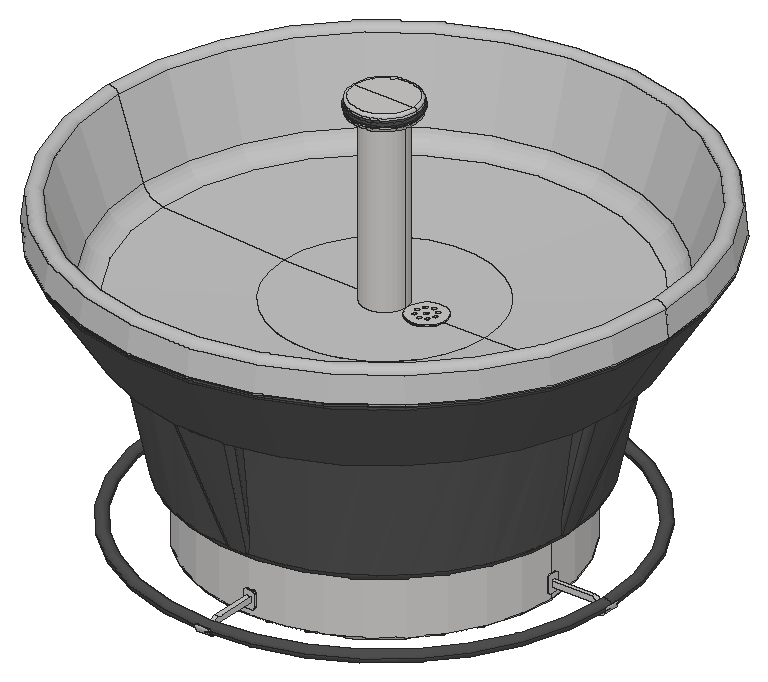
Revit family "Washfountain_Lavatory-Bradley_Corp-WF2808-Type_H_Drain", category Plumbing Fixtures, Revit 2012 (continued)
Lines and regions (in)
  symbolic lines, visible <- "Soap Dispenser", detail levels fine
    curve 22: line (0, -5.87777, 42.10673) -> (0, 5.87777, 42.10673)
    curve 23: line (0, 5.81, 40.85673) -> (0, -5.81, 40.85673)
    curve 24: line (0, 6.1566, 45.875) -> (0, -6.1566, 45.875)
  symbolic lines, detail levels medium
    curve 25: line (-3.12875, 0, 36.80502) -> (-3.035, 0, 36.80502)
    curve 27: line (3.035, 0, 36.80502) -> (3.12875, 0, 36.80502)
    curve 28: line (3.12875, 0, 36.30502) -> (3.035, 0, 36.30502)
    curve 30: line (-3.035, 0, 36.30502) -> (-3.12875, 0, 36.30502)
    curve 32: line (0, 3.12875, 36.80502) -> (0, 3.035, 36.80502)
    curve 34: line (0, -3.035, 36.80502) -> (0, -3.12875, 36.80502)
    curve 35: line (0, -3.12875, 36.30502) -> (0, -3.035, 36.30502)
    curve 37: line (0, 3.035, 36.30502) -> (0, 3.12875, 36.30502)
  symbolic lines, detail levels medium+fine
    curve 26: line (-3.035, 0, 36.80502) -> (3.035, 0, 36.80502)
    curve 29: line (3.035, 0, 36.30502) -> (-3.035, 0, 36.30502)
    curve 33: line (0, 3.035, 36.80502) -> (0, -3.035, 36.80502)
    curve 36: line (0, -3.035, 36.30502) -> (0, 3.035, 36.30502)
    curve 47: circle (0, 0, 37.25) r 2 normal (0, 0, 1)
    curve 137: circle (4, 0, 29) r 1.25 normal (0, 0, 1)
    curve 138: circle (4, 0, 29) r 0.1842 normal (0, 0, 1)
    curve 139: circle (4, 0.87771, 29) r 0.1842 normal (0, 0, 1)
    curve 140: circle (4.62063, 0.62063, 29) r 0.1842 normal (0, 0, 1)
    curve 141: circle (4.87771, 0, 29) r 0.1842 normal (0, 0, 1)
    curve 142: circle (4.62063, -0.62063, 29) r 0.1842 normal (0, 0, 1)
    curve 143: circle (4, -0.87771, 29) r 0.1842 normal (0, 0, 1)
    curve 144: circle (3.37937, -0.62063, 29) r 0.1842 normal (0, 0, 1)
    curve 145: circle (3.12229, 0, 29) r 0.1842 normal (0, 0, 1)
    curve 146: circle (3.37937, 0.62063, 29) r 0.1842 normal (0, 0, 1)
    curve 155: line (-17.48807, 0, 6.31492) -> (-0.96574, 0, 6.31492)
    curve 156: line (-0.96574, 0, 6.24986) -> (-0.96574, 0, 18.12)
    curve 158: line (-0.12584, 0, 6.24986) -> (-0.12584, 0, 18.12)
    curve 159: line (1.12265, 0, 6.31492) -> (17.49519, 0, 6.31492)
    curve 160: line (-22.00077, 0, 18.10444) -> (-21.06726, 0, 18.10444)
    curve 161: arc (-21.06726, 0, 18.10444) -> (-20.92142, 0, 18.054) -> (-20.8379, 0, 17.92423) r 0.23606
    curve 162: line (-20.8379, 0, 17.92423) -> (-2.19375, 0, 17.92423)
    curve 163: line (-2.07801, 0, 18.10444) -> (-1.09014, 0, 18.10444)
    curve 164: arc (-2.07801, 0, 18.10444) -> (-2.16776, 0, 18.05613) -> (-2.19717, 0, 17.95855) r 0.13336
    curve 165: arc (-1.09014, 0, 18.10444) -> (-1.02745, 0, 18.10835) -> (-0.96574, 0, 18.12) r 0.50514
    curve 166: arc (-1.08537, 0, 6.8063) -> (-1.04271, 0, 6.55643) -> (-0.96574, 0, 6.31492) r 1.81926
    curve 167: line (-0.96574, 0, 6.24986) -> (-0.12584, 0, 6.24986)
    curve 168: line (0, 0, 6.31492) -> (0.15691, 0, 6.31492)
    curve 169: arc (-0.12584, 0, 6.24986) -> (-0.05501, 0, 6.26709) -> (0, 0, 6.31492) r 0.15424
    curve 173: line (1.12265, 0, 6.24986) -> (1.12265, 0, 18.12)
    curve 175: line (0.28275, 0, 6.24986) -> (0.28275, 0, 18.12)
    curve 176: line (22.00077, 0, 18.10444) -> (21.09665, 0, 18.10444)
    curve 177: arc (21.09665, 0, 18.10444) -> (20.95081, 0, 18.054) -> (20.86729, 0, 17.92423) r 0.23606
    curve 178: line (20.86729, 0, 17.92423) -> (2.35066, 0, 17.92423)
    curve 179: line (2.23492, 0, 18.10444) -> (1.24705, 0, 18.10444)
    curve 180: arc (2.23492, 0, 18.10444) -> (2.32467, 0, 18.05613) -> (2.35408, 0, 17.95855) r 0.13336
    curve 181: arc (1.24705, 0, 18.10444) -> (1.18436, 0, 18.10835) -> (1.12265, 0, 18.12) r 0.50514
    curve 182: arc (1.24228, 0, 6.8063) -> (1.19962, 0, 6.55643) -> (1.12265, 0, 6.31492) r 1.81926
    curve 183: line (1.12265, 0, 6.24986) -> (0.28275, 0, 6.24986)
    curve 184: arc (0.28275, 0, 6.24986) -> (0.21192, 0, 6.26709) -> (0.15691, 0, 6.31492) r 0.15424
    curve 201: line (0, 20.99655, 18.03148) -> (0, 21.97113, 18.03148)
    curve 203: arc (0, 20.8379, 17.92423) -> (0, 20.9008, 18.00216) -> (0, 20.99655, 18.03148) r 0.17096
    curve 205: line (0, 2.19389, 17.92569) -> (0, 20.83849, 17.92569)
    curve 208: line (0, 2.07801, 18.10444) -> (0, 1.09014, 18.10444)
    curve 209: arc (0, 2.19829, 17.96981) -> (0, 2.16828, 18.06404) -> (0, 2.07801, 18.10444) r 0.12105
    curve 210: line (0, 0.96513, 6.24986) -> (0, 0.96513, 18.12004)
    curve 211: arc (0, 0.96513, 18.12004) -> (0, 1.02715, 18.10836) -> (0, 1.09014, 18.10444) r 0.5087
    curve 213: line (0, 0.96513, 6.24986) -> (0, 0.12584, 6.24986)
    curve 215: arc (0, 1.08537, 6.8063) -> (0, 1.04105, 6.52467) -> (0, 0.96513, 6.24986) r 2.51421
    curve 216: line (0, 0, 6.31685) -> (0, -0.15625, 6.31685)
    curve 217: line (0, 0, 6.31685) -> (0, 0.12584, 6.24986)
    curve 218: line (0, 0.12584, 6.24986) -> (0, 0.12584, 18.12004)
    curve 221: line (0, -2.35014, 17.92569) -> (0, -20.8418, 17.92569)
    curve 224: line (0, -2.23426, 18.10444) -> (0, -1.24639, 18.10444)
    curve 225: arc (0, -2.35454, 17.96981) -> (0, -2.32453, 18.06404) -> (0, -2.23426, 18.10444) r 0.12105
    curve 226: line (0, -1.12138, 6.24986) -> (0, -1.12138, 18.12004)
    curve 227: arc (0, -1.12138, 18.12004) -> (0, -1.1834, 18.10836) -> (0, -1.24639, 18.10444) r 0.5087
    curve 228: line (0, -1.12138, 6.24986) -> (0, -0.28209, 6.24986)
    curve 230: arc (0, -1.24162, 6.8063) -> (0, -1.1973, 6.52467) -> (0, -1.12138, 6.24986) r 2.51421
    curve 231: line (0, -0.15625, 6.31685) -> (0, -0.28209, 6.24986)
    curve 232: line (0, -0.28209, 6.24986) -> (0, -0.28209, 18.12004)
    curve 235: line (0, -21.00003, 18.03148) -> (0, -21.97463, 18.03148)
    curve 237: arc (0, -20.84138, 17.92423) -> (0, -20.90428, 18.00216) -> (0, -21.00003, 18.03148) r 0.17096
    curve 241: line (0, 17.49039, 6.32544) -> (0, 0.98937, 6.32544)
    curve 242: line (0, -1.14562, 6.32544) -> (0, -17.49387, 6.32544)
  symbolic lines
    curve 31: line (-2, 0, 35.86002) -> (2, 0, 35.86002)
    curve 38: line (0, 2, 35.86002) -> (0, -2, 35.86002)
    curve 136: circle (4, 0, 29) r 1.75 normal (0, 0, 1)
    curve 147: circle (0, 0, 29) r 25.3 normal (0, 0, 1)
    curve 153: line (-20.8379, 0, 17.92423) -> (-17.61819, 0, 6.792)
    curve 154: line (-17.61819, 0, 6.792) -> (-17.47033, 0, 6.24986)
    curve 157: line (-2.19717, 0, 17.95855) -> (-1.08537, 0, 6.8063)
    curve 172: line (20.86729, 0, 17.92423) -> (17.49473, 0, 6.31579)
    curve 174: line (2.35408, 0, 17.95855) -> (1.24228, 0, 6.8063)
    curve 187: line (22.00077, 0, 18.10444) -> (17.49519, 0, 6.31492)
    curve 188: line (-15.8946, 0, 5.6669) -> (15.9375, 0, 5.6669)
    curve 202: line (0, 20.8379, 17.92423) -> (0, 17.46859, 6.24991)
    curve 204: line (0, 20.8379, 17.92423) -> (0, 20.89404, 18.12)
    curve 206: line (0, 2.19829, 17.96981) -> (0, 1.08537, 6.8063)
    curve 212: line (0, 15.89286, 5.66694) -> (0, -15.89458, 5.66694)
    curve 222: line (0, -2.35454, 17.96981) -> (0, -1.24162, 6.8063)
    curve 236: line (0, -20.84138, 17.92423) -> (0, -17.46638, 6.2302)
    curve 238: line (0, -20.84138, 17.92423) -> (0, -20.89752, 18.12)
    curve 251: circle (0, 0, 29) r 21 normal (0, 0, 1)
    curve 252: line (26.7906, 0, 26) -> (-26.7889, 0, 26)
    curve 253: line (0, 26.7906, 26) -> (0, -26.7906, 26)
  symbolic lines, visible <- "Sensor Module", detail levels fine
    curve 39: line (-4.49987, 0, 40.18459) -> (4.49987, 0, 40.18459)
    curve 42: line (0, 4.49987, 40.18459) -> (0, -4.49987, 40.18459)
  symbolic lines, visible <- "Sensor Module", detail levels medium
    curve 40: line (4.57537, 0, 38.73512) -> (-4.5755, 0, 38.73512)
    curve 43: line (0, -4.57537, 38.73512) -> (0, 4.57537, 38.73512)
  symbolic lines, visible <- "Sensor Module"
    curve 41: line (-2, 0, 37.90962) -> (2, 0, 37.90962)
    curve 44: line (0, 2, 37.91) -> (0, -2, 37.91)
  symbolic lines, visible <- "Sensor Module", detail levels medium+fine
    curve 46: circle (0, 0, 40.75) r 2.10282 normal (0, 0, 1)
  model lines, visible <- "Towel Dispenser", detail levels fine
    curve 51: spline (-9.0267, 1.13929, 53.62502) -> (-8.93299, 0.97699, 56.66615) -> (-8.65827, 0.50115, 59.50002) -> (-8.22124, -0.2558, 61.93353) -> (-7.6517, -1.24228, 63.80082) -> (-6.98845, -2.39106, 64.97465) -> (-6.2767, -3.62385, 65.37502) -> (-5.56494, -4.85664, 64.97465) -> (-4.9017, -6.00542, 63.80082) -> (-4.33215, -6.9919, 61.93353) -> (-3.89513, -7.74885, 59.50002) -> (-3.6204, -8.22469, 56.66615) -> (-3.5267, -8.38699, 53.62502)
    curve 52: spline (3.527, -8.3872, 53.62502) -> (3.6207, -8.22489, 56.66615) -> (3.89542, -7.74903, 59.50002) -> (4.33244, -6.99205, 61.93353) -> (4.90197, -6.00554, 63.80082) -> (5.56521, -4.85671, 64.97465) -> (6.27694, -3.62387, 65.37502) -> (6.98868, -2.39103, 64.97465) -> (7.65191, -1.24221, 63.80082) -> (8.22144, -0.2557, 61.93353) -> (8.65846, 0.50129, 59.50002) -> (8.93318, 0.97714, 56.66615) -> (9.02688, 1.13945, 53.62502)
    curve 98: spline (4.50547, -6.69233, 56.22659) -> (4.48576, -6.72648, 56.26066) -> (4.46739, -6.7583, 56.36056) -> (4.45161, -6.78563, 56.51948) -> (4.43951, -6.80659, 56.72659) -> (4.4319, -6.81977, 56.96777) -> (4.4293, -6.82427, 57.22659) -> (4.4319, -6.81977, 57.4854) -> (4.43951, -6.80659, 57.72659) -> (4.45161, -6.78563, 57.93369) -> (4.46739, -6.7583, 58.09261) -> (4.48576, -6.72648, 58.19251) -> (4.50547, -6.69233, 58.22659) -> (4.52519, -6.65819, 58.19251) -> (4.54356, -6.62637, 58.09261) -> (4.55933, -6.59904, 57.93369) -> (4.57144, -6.57807, 57.72659) -> (4.57905, -6.56489, 57.4854) -> (4.58164, -6.5604, 57.22659) -> (4.57905, -6.56489, 56.96777) -> (4.57144, -6.57807, 56.72659) -> (4.55933, -6.59904, 56.51948) -> (4.54356, -6.62637, 56.36056) -> (4.52519, -6.65819, 56.26066) -> (4.50547, -6.69233, 56.22659)
    curve 99: spline (3.54323, 7.20696, 56.22659) -> (3.58266, 7.20696, 56.26066) -> (3.6194, 7.20696, 56.36056) -> (3.65095, 7.20696, 56.51948) -> (3.67516, 7.20696, 56.72659) -> (3.69038, 7.20696, 56.96777) -> (3.69557, 7.20696, 57.22659) -> (3.69038, 7.20696, 57.4854) -> (3.67516, 7.20696, 57.72659) -> (3.65095, 7.20696, 57.93369) -> (3.6194, 7.20696, 58.09261) -> (3.58266, 7.20696, 58.19251) -> (3.54323, 7.20696, 58.22659) -> (3.5038, 7.20696, 58.19251) -> (3.46706, 7.20696, 58.09261) -> (3.4355, 7.20696, 57.93369) -> (3.41129, 7.20696, 57.72659) -> (3.39607, 7.20696, 57.4854) -> (3.39088, 7.20696, 57.22659) -> (3.39607, 7.20696, 56.96777) -> (3.41129, 7.20696, 56.72659) -> (3.4355, 7.20696, 56.51948) -> (3.46706, 7.20696, 56.36056) -> (3.5038, 7.20696, 56.26066) -> (3.54323, 7.20696, 56.22659)
    curve 100: spline (-8.04818, -0.55555, 56.22659) -> (-8.06789, -0.5214, 56.26066) -> (-8.08627, -0.48958, 56.36056) -> (-8.10204, -0.46226, 56.51948) -> (-8.11415, -0.44129, 56.72659) -> (-8.12176, -0.42811, 56.96777) -> (-8.12435, -0.42362, 57.22659) -> (-8.12176, -0.42811, 57.4854) -> (-8.11415, -0.44129, 57.72659) -> (-8.10204, -0.46226, 57.93369) -> (-8.08627, -0.48958, 58.09261) -> (-8.06789, -0.5214, 58.19251) -> (-8.04818, -0.55555, 58.22659) -> (-8.02847, -0.5897, 58.19251) -> (-8.01009, -0.62152, 58.09261) -> (-7.99432, -0.64884, 57.93369) -> (-7.98221, -0.66981, 57.72659) -> (-7.9746, -0.68299, 57.4854) -> (-7.97201, -0.68748, 57.22659) -> (-7.9746, -0.68299, 56.96777) -> (-7.98221, -0.66981, 56.72659) -> (-7.99432, -0.64884, 56.51948) -> (-8.01009, -0.62152, 56.36056) -> (-8.02847, -0.5897, 56.26066) -> (-8.04818, -0.55555, 56.22659)
    curve 101: spline (5.50026, 7.20696, 53.62502) -> (5.31285, 7.20696, 56.66615) -> (4.76338, 7.20696, 59.50002) -> (3.88931, 7.20696, 61.93353) -> (2.75019, 7.20696, 63.80082) -> (1.42367, 7.20696, 64.97465) -> (0.00013, 7.20696, 65.37502) -> (-1.42341, 7.20696, 64.97465) -> (-2.74994, 7.20696, 63.80082) -> (-3.88905, 7.20696, 61.93353) -> (-4.76312, 7.20696, 59.50002) -> (-5.31259, 7.20696, 56.66615) -> (-5.5, 7.20696, 53.62502)
  symbolic lines, visible <- "Towel Dispenser", detail levels fine
    curve 54: spline (-9.02676, -27, 53.62502) -> (-8.93305, -27, 56.66615) -> (-8.65832, -27, 59.50002) -> (-8.22128, -27, 61.93353) -> (-7.65173, -27, 63.80082) -> (-6.98846, -27, 64.97465) -> (-6.2767, -27, 65.37502) -> (-5.56493, -27, 64.97465) -> (-4.90166, -27, 63.80082) -> (-4.33211, -27, 61.93353) -> (-3.89507, -27, 59.50002) -> (-3.62034, -27, 56.66615) -> (-3.52663, -27, 53.62502)
    curve 55: spline (3.527, -27, 53.62502) -> (3.6207, -27, 56.66615) -> (3.89542, -27, 59.50002) -> (4.33244, -27, 61.93353) -> (4.90197, -27, 63.80082) -> (5.56521, -27, 64.97465) -> (6.27694, -27, 65.37502) -> (6.98868, -27, 64.97465) -> (7.65191, -27, 63.80082) -> (8.22144, -27, 61.93353) -> (8.65846, -27, 59.50002) -> (8.93318, -27, 56.66615) -> (9.02688, -27, 53.62502)
    curve 85: spline (5.50026, 27, 53.62502) -> (5.31285, 27, 56.66615) -> (4.76338, 27, 59.50002) -> (3.88931, 27, 61.93353) -> (2.75019, 27, 63.80082) -> (1.42367, 27, 64.97465) -> (0.00013, 27, 65.37502) -> (-1.42341, 27, 64.97465) -> (-2.74994, 27, 63.80082) -> (-3.88905, 27, 61.93353) -> (-4.76312, 27, 59.50002) -> (-5.31259, 27, 56.66615) -> (-5.5, 27, 53.62502)
    curve 93: spline (0, 1.1394, 53.62502) -> (0, 0.9771, 56.66615) -> (0, 0.50125, 59.50002) -> (0, -0.25572, 61.93353) -> (0, -1.24223, 63.80082) -> (0, -2.39103, 64.97465) -> (0, -3.62385, 65.37502) -> (0, -4.85667, 64.97465) -> (0, -6.00548, 63.80082) -> (0, -6.99198, 61.93353) -> (0, -7.74895, 59.50002) -> (0, -8.2248, 56.66615) -> (0, -8.3871, 53.62502)
    curve 102: spline (-8.04824, -27, 56.22659) -> (-8.06796, -27, 56.26066) -> (-8.08633, -27, 56.36056) -> (-8.10211, -27, 56.51948) -> (-8.11421, -27, 56.72659) -> (-8.12182, -27, 56.96777) -> (-8.12442, -27, 57.22659) -> (-8.12182, -27, 57.4854) -> (-8.11421, -27, 57.72659) -> (-8.10211, -27, 57.93369) -> (-8.08633, -27, 58.09261) -> (-8.06796, -27, 58.19251) -> (-8.04824, -27, 58.22659) -> (-8.02853, -27, 58.19251) -> (-8.01016, -27, 58.09261) -> (-7.99438, -27, 57.93369) -> (-7.98228, -27, 57.72659) -> (-7.97467, -27, 57.4854) -> (-7.97207, -27, 57.22659) -> (-7.97467, -27, 56.96777) -> (-7.98228, -27, 56.72659) -> (-7.99438, -27, 56.51948) -> (-8.01016, -27, 56.36056) -> (-8.02853, -27, 56.26066) -> (-8.04824, -27, 56.22659)
    curve 103: spline (4.50547, -27, 56.22659) -> (4.48576, -27, 56.26066) -> (4.46739, -27, 56.36056) -> (4.45161, -27, 56.51948) -> (4.43951, -27, 56.72659) -> (4.4319, -27, 56.96777) -> (4.4293, -27, 57.22659) -> (4.4319, -27, 57.4854) -> (4.43951, -27, 57.72659) -> (4.45161, -27, 57.93369) -> (4.46739, -27, 58.09261) -> (4.48576, -27, 58.19251) -> (4.50547, -27, 58.22659) -> (4.52519, -27, 58.19251) -> (4.54356, -27, 58.09261) -> (4.55933, -27, 57.93369) -> (4.57144, -27, 57.72659) -> (4.57905, -27, 57.4854) -> (4.58164, -27, 57.22659) -> (4.57905, -27, 56.96777) -> (4.57144, -27, 56.72659) -> (4.55933, -27, 56.51948) -> (4.54356, -27, 56.36056) -> (4.52519, -27, 56.26066) -> (4.50547, -27, 56.22659)
    curve 104: spline (3.54323, 27, 56.22659) -> (3.58266, 27, 56.26066) -> (3.6194, 27, 56.36056) -> (3.65095, 27, 56.51948) -> (3.67516, 27, 56.72659) -> (3.69038, 27, 56.96777) -> (3.69557, 27, 57.22659) -> (3.69038, 27, 57.4854) -> (3.67516, 27, 57.72659) -> (3.65095, 27, 57.93369) -> (3.6194, 27, 58.09261) -> (3.58266, 27, 58.19251) -> (3.54323, 27, 58.22659) -> (3.5038, 27, 58.19251) -> (3.46706, 27, 58.09261) -> (3.4355, 27, 57.93369) -> (3.41129, 27, 57.72659) -> (3.39607, 27, 57.4854) -> (3.39088, 27, 57.22659) -> (3.39607, 27, 56.96777) -> (3.41129, 27, 56.72659) -> (3.4355, 27, 56.51948) -> (3.46706, 27, 56.36056) -> (3.5038, 27, 56.26066) -> (3.54323, 27, 56.22659)
    curve 133: spline (0, -0.55544, 56.22659) -> (0, -0.52129, 56.26066) -> (0, -0.48947, 56.36056) -> (0, -0.46215, 56.51948) -> (0, -0.44118, 56.72659) -> (0, -0.428, 56.96777) -> (0, -0.42351, 57.22659) -> (0, -0.428, 57.4854) -> (0, -0.44118, 57.72659) -> (0, -0.46215, 57.93369) -> (0, -0.48947, 58.09261) -> (0, -0.52129, 58.19251) -> (0, -0.55544, 58.22659) -> (0, -0.58959, 58.19251) -> (0, -0.62141, 58.09261) -> (0, -0.64873, 57.93369) -> (0, -0.6697, 57.72659) -> (0, -0.68288, 57.4854) -> (0, -0.68737, 57.22659) -> (0, -0.68288, 56.96777) -> (0, -0.6697, 56.72659) -> (0, -0.64873, 56.51948) -> (0, -0.62141, 56.36056) -> (0, -0.58959, 56.26066) -> (0, -0.55544, 56.22659)
  symbolic lines, visible <- "Towel Dispenser"
    curve 56: line (-0.06253, -27, 67.563) -> (-3.52663, -27, 66.87567)
    curve 57: line (3.527, -27, 66.87567) -> (0.06285, -27, 67.563)
    curve 58: line (-9.02676, -27, 66.87567) -> (-3.52663, -27, 66.87567)
    curve 59: line (-3.52663, -27, 66.87567) -> (-3.52663, -27, 53.62502)
    curve 60: line (3.527, -27, 53.62502) -> (3.527, -27, 66.87567)
    curve 61: line (0.06285, -27, 67.563) -> (0.06285, -27, 52.25)
    curve 62: line (-0.06253, -27, 52.25) -> (-0.06253, -27, 67.563)
    curve 63: line (-3.52663, -27, 53.62502) -> (-1.57807, -27, 52.25)
    curve 64: line (1.57842, -27, 52.25) -> (3.527, -27, 53.62502)
    curve 65: line (-9.02676, -27, 53.62502) -> (-3.52663, -27, 53.62502)
    curve 66: line (3.527, -27, 53.62502) -> (9.02688, -27, 53.62502)
    curve 75: line (3.527, -27, 66.87567) -> (9.02688, -27, 66.87567)
    curve 77: line (-5.5, 27, 67.563) -> (-5.5, 27, 52.25)
    curve 78: line (5.50026, 27, 52.25) -> (5.50026, 27, 67.563)
    curve 79: line (5.50026, 27, 66.87567) -> (-5.5, 27, 66.87567)
    curve 80: line (5.50026, 27, 53.62502) -> (-5.5, 27, 53.62502)
    curve 86: line (0, 3.20696, 67.563) -> (0, 3.20696, 52.25)
    curve 87: line (0, 3.1394, 67.563) -> (0, 3.1394, 52.25)
    curve 88: line (0, 1.1394, 66.87567) -> (0, 3.1394, 67.563)
    curve 89: line (0, 1.1394, 53.62502) -> (0, 1.1394, 66.87567)
    curve 90: line (0, 1.1394, 66.87567) -> (0, -8.3871, 66.87567)
    curve 91: line (0, 2.2644, 52.25) -> (0, 1.1394, 53.62502)
    curve 92: line (0, 1.1394, 53.62502) -> (0, -8.3871, 53.62502)
    curve 131: line (-2, -27, 52.25) -> (2, -27, 52.25)
    curve 132: line (-2, -27, 67.563) -> (2, -27, 67.563)
    curve 134: line (0, 1.25, 67.563) -> (0, -1.25, 67.563)
    curve 246: line (-5.5, 3.20696, 52.25) -> (5.50026, 3.20696, 52.25)
    curve 247: line (5.56279, 3.13918, 0) -> (0.06279, -6.3871, 0)
    curve 248: line (-0.06259, -6.38699, 52.25) -> (-5.56259, 3.13929, 52.25)
    curve 249: line (-5.56259, 3.13929, 52.25) -> (-5.5, 3.20696, 52.25)
    curve 250: line (5.50026, 3.20696, 52.25) -> (5.56279, 3.13918, 52.25)
  symbolic lines, visible <- "Towel Dispenser", detail levels medium+fine
    curve 67: line (-3.95999, -27, 53.3286) -> (-7.95843, -27, 53.3286)
    curve 68: spline (-7.95843, -27, 53.3286) -> (-8.0366, -27, 53.31528) -> (-8.07168, -27, 53.27621) -> (-8.06127, -27, 53.21406) -> (-8.00608, -27, 53.13306) -> (-7.90988, -27, 53.03873) -> (-7.77921, -27, 52.93751) -> (-7.62299, -27, 52.83629) -> (-7.45186, -27, 52.74197) -> (-7.27748, -27, 52.66097) -> (-7.11174, -27, 52.59882) -> (-6.96593, -27, 52.55975) -> (-6.84999, -27, 52.54642)
    curve 69: line (-6.84999, -27, 52.54642) -> (-2.85155, -27, 52.54642)
    curve 70: spline (-2.85155, -27, 52.54642) -> (-2.77338, -27, 52.55975) -> (-2.7383, -27, 52.59882) -> (-2.74871, -27, 52.66097) -> (-2.8039, -27, 52.74197) -> (-2.90011, -27, 52.83629) -> (-3.03077, -27, 52.93751) -> (-3.18699, -27, 53.03873) -> (-3.35812, -27, 53.13306) -> (-3.5325, -27, 53.21406) -> (-3.69824, -27, 53.27621) -> (-3.84405, -27, 53.31528) -> (-3.95999, -27, 53.3286)
    curve 71: line (7.8569, -27, 53.32864) -> (3.85695, -27, 53.32864)
    curve 72: spline (3.85695, -27, 53.32864) -> (3.74101, -27, 53.31531) -> (3.59521, -27, 53.27624) -> (3.42947, -27, 53.21409) -> (3.25509, -27, 53.13309) -> (3.08396, -27, 53.03877) -> (2.92774, -27, 52.93755) -> (2.79707, -27, 52.83632) -> (2.70086, -27, 52.742) -> (2.64567, -27, 52.661) -> (2.63526, -27, 52.59885) -> (2.67033, -27, 52.55978) -> (2.7485, -27, 52.54645)
    curve 73: line (2.7485, -27, 52.54645) -> (6.74844, -27, 52.54645)
    curve 74: spline (6.74844, -27, 52.54645) -> (6.86438, -27, 52.55978) -> (7.01019, -27, 52.59885) -> (7.17593, -27, 52.661) -> (7.3503, -27, 52.742) -> (7.52143, -27, 52.83632) -> (7.67766, -27, 52.93755) -> (7.80832, -27, 53.03877) -> (7.90453, -27, 53.13309) -> (7.95972, -27, 53.21409) -> (7.97014, -27, 53.27624) -> (7.93507, -27, 53.31531) -> (7.8569, -27, 53.32864)
    curve 81: line (-4, 27, 53.3286) -> (4.00026, 27, 53.3286)
    curve 82: spline (4.00026, 27, 53.3286) -> (4.19437, 27, 53.31528) -> (4.37526, 27, 53.27621) -> (4.53059, 27, 53.21406) -> (4.64978, 27, 53.13306) -> (4.7247, 27, 53.03873) -> (4.75026, 27, 52.93751) -> (4.7247, 27, 52.83629) -> (4.64978, 27, 52.74197) -> (4.53059, 27, 52.66097) -> (4.37526, 27, 52.59882) -> (4.19437, 27, 52.55975) -> (4.00026, 27, 52.54642)
    curve 83: line (4.00026, 27, 52.54642) -> (-4, 27, 52.54642)
    curve 84: spline (-4, 27, 52.54642) -> (-4.19411, 27, 52.55975) -> (-4.375, 27, 52.59882) -> (-4.53033, 27, 52.66097) -> (-4.64952, 27, 52.74197) -> (-4.72444, 27, 52.83629) -> (-4.75, 27, 52.93751) -> (-4.72444, 27, 53.03873) -> (-4.64952, 27, 53.13306) -> (-4.53033, 27, 53.21406) -> (-4.375, 27, 53.27621) -> (-4.19411, 27, 53.31528) -> (-4, 27, 53.3286)
    curve 94: line (0, -6.84554, 53.3286) -> (0, 0.08288, 53.3286)
    curve 95: spline (0, 0.08288, 53.3286) -> (0, 0.26189, 53.31528) -> (0, 0.45051, 53.27621) -> (0, 0.63588, 53.21406) -> (0, 0.80537, 53.13306) -> (0, 0.94743, 53.03873) -> (0, 1.05238, 52.93751) -> (0, 1.11307, 52.83629) -> (0, 1.12535, 52.74197) -> (0, 1.0884, 52.66097) -> (0, 1.00473, 52.59882) -> (0, 0.88005, 52.55975) -> (0, 0.72284, 52.54642)
    curve 96: line (0, 0.72284, 52.54642) -> (0, -6.20559, 52.54642)
    curve 97: spline (0, -6.20559, 52.54642) -> (0, -6.3846, 52.55975) -> (0, -6.57321, 52.59882) -> (0, -6.75859, 52.66097) -> (0, -6.92808, 52.74197) -> (0, -7.07014, 52.83629) -> (0, -7.17508, 52.93751) -> (0, -7.23577, 53.03873) -> (0, -7.24806, 53.13306) -> (0, -7.2111, 53.21406) -> (0, -7.12744, 53.27621) -> (0, -7.00275, 53.31528) -> (0, -6.84554, 53.3286)
    curve 243: line (-7.07814, 2.26429, 52.25) -> (-1.57814, -7.26199, 52.25)
    curve 244: line (1.57842, -7.26225, 52.25) -> (7.0783, 2.2644, 52.25)
    curve 245: line (5.50026, 4.95696, 52.25) -> (-5.5, 4.95696, 52.25)
  model lines, not visible
    curve 105: circle (0, 0, 0) r 21 normal (0, 0, 1)
  sketch lines
    curve 106: circle (0, 0, 0) r 21 normal (0, 0, 1)
    curve 149: line (-17.47033, -0.07207, 6.24986) -> (-22.00672, -0.07207, 18.12)
    curve 150: line (0.07207, -17.47033, 6.24986) -> (0.07207, -22.00672, 18.12)
    curve 151: line (17.47033, 0.07207, 6.24986) -> (22.00672, 0.07207, 18.12)
    curve 152: line (-0.07207, 17.47033, 6.24986) -> (-0.07207, 22.00672, 18.12)
  symbolic lines, visible <- "Foot Control Valve", detail levels fine
    curve 107: line (-0.67, 0, 0.925) -> (-0.67, 0, 1.61691)
    curve 108: line (-0.67, 0, 1.61691) -> (0.67, 0, 1.61691)
    curve 109: line (0.67, 0, 1.61691) -> (0.67, 0, 0.925)
    curve 110: line (-0.46567, 0, 0.825) -> (0.46567, 0, 0.825)
    curve 111: line (-0.50501, 0, 1.925) -> (0.50501, 0, 1.925)
    curve 112: arc (-20.98857, 0, 0.925) -> (-21.39304, 0, 1.11581) -> (-21.48307, 0, 1.55388) r 0.5
    curve 113: arc (-20.99912, 0, 0.82487) -> (-20.82626, 0, 0.85057) -> (-20.66814, 0, 0.925) r 0.6
    curve 114: line (-20.30228, 0, 0.925) -> (-20.98857, 0, 0.925)
    curve 115: arc (21.48307, 0, 1.55388) -> (21.39304, 0, 1.11581) -> (20.98857, 0, 0.925) r 0.5
    curve 116: arc (20.66814, 0, 0.925) -> (20.82626, 0, 0.85057) -> (20.99912, 0, 0.82487) r 0.6
    curve 117: line (20.30228, 0, 0.925) -> (20.98857, 0, 0.925)
    curve 118: arc (0, 21.48307, 1.55401) -> (0, 20.6919, 1.03121) -> (0, 21.009, 1.92492) r 0.5
    curve 119: arc (0, 20.51154, 1.53179) -> (0, 20.47337, 1.59132) -> (0, 20.41385, 1.55315) r 0.05
    curve 120: arc (0, 20.41385, 1.55315) -> (0, 20.5328, 1.04853) -> (0, 21.00059, 0.825) r 0.6
    curve 121: line (0, 20.30377, 0.92644) -> (0, 20.66618, 0.92644)
    curve 122: arc (0, -21.00467, 1.92498) -> (0, -20.69361, 1.02988) -> (0, -21.48307, 1.55401) r 0.5
    curve 123: arc (0, -20.41385, 1.55315) -> (0, -20.47337, 1.59132) -> (0, -20.51154, 1.53179) r 0.05
    curve 124: arc (0, -20.98882, 0.8251) -> (0, -20.52913, 1.05313) -> (0, -20.41385, 1.55315) r 0.6
    curve 125: line (0, -20.30078, 0.92644) -> (0, -20.66618, 0.92644)
    curve 126: line (0, -0.67, 1.61678) -> (0, -0.67, 0.82487)
    curve 127: line (0, 0.67, 1.61678) -> (0, -0.67, 1.61678)
    curve 128: line (0, 0.67, 0.82487) -> (0, 0.67, 1.61678)
    curve 129: line (0, 0.50501, 1.92487) -> (0, -0.50501, 1.92487)
    curve 130: line (0, 0.46567, 0.82487) -> (0, -0.46567, 0.82487)
  model lines, detail levels medium+fine
    curve 135: circle (4, 0, 20.14202) r 1.25 normal (0, 0, 1)
  model lines, not visible, detail levels fine
    curve 148: line (-17.47033, -0.07207, 6.24986) -> (-22.00672, -0.07207, 18.12)
  symbolic lines, detail levels fine
    curve 170: circle (-0.59234, 0, 14.97829) r 0.18079 normal (0, -1, 0)
    curve 171: circle (-0.59234, 0, 9.43889) r 0.18079 normal (0, -1, 0)
    curve 185: circle (0.74925, 0, 14.97829) r 0.18079 normal (0, 1, 0)
    curve 186: circle (0.74925, 0, 9.43889) r 0.18079 normal (0, 1, 0)
    curve 189: spline (-0.96355, 0, 4.64199) -> (-0.87273, 0, 4.65397) -> (-0.7881, 0, 4.68911) -> (-0.71543, 0, 4.74501) -> (-0.65967, 0, 4.81786) -> (-0.62461, 0, 4.9027) -> (-0.61266, 0, 4.99374) -> (-0.62461, 0, 5.08478) -> (-0.65967, 0, 5.16961) -> (-0.71543, 0, 5.24246) -> (-0.7881, 0, 5.29836) -> (-0.87273, 0, 5.3335) -> (-0.96355, 0, 5.34549) -> (-1.05437, 0, 5.3335) -> (-1.139, 0, 5.29836) -> (-1.21167, 0, 5.24246) -> (-1.26743, 0, 5.16961) -> (-1.30249, 0, 5.08478) -> (-1.31444, 0, 4.99374) -> (-1.30249, 0, 4.9027) -> (-1.26743, 0, 4.81786) -> (-1.21167, 0, 4.74501) -> (-1.139, 0, 4.68911) -> (-1.05437, 0, 4.65397) -> (-0.96355, 0, 4.64199)
    curve 190: spline (1.11807, 0, 5.34611) -> (1.02726, 0, 5.33413) -> (0.94263, 0, 5.29899) -> (0.86995, 0, 5.24309) -> (0.81419, 0, 5.17024) -> (0.77914, 0, 5.0854) -> (0.76718, 0, 4.99436) -> (0.77914, 0, 4.90332) -> (0.81419, 0, 4.81849) -> (0.86995, 0, 4.74564) -> (0.94263, 0, 4.68974) -> (1.02726, 0, 4.6546) -> (1.11807, 0, 4.64261) -> (1.20889, 0, 4.6546) -> (1.29352, 0, 4.68974) -> (1.36619, 0, 4.74564) -> (1.42196, 0, 4.81849) -> (1.45701, 0, 4.90332) -> (1.46897, 0, 4.99436) -> (1.45701, 0, 5.0854) -> (1.42196, 0, 5.17024) -> (1.36619, 0, 5.24309) -> (1.29352, 0, 5.29899) -> (1.20889, 0, 5.33413) -> (1.11807, 0, 5.34611)
    curve 191: line (0.07846, 0, 6.31492) -> (0.07846, 0, 18.12)
    curve 219: circle (0, 0.60158, 9.43373) r 0.17708 normal (1, 0, 0)
    curve 220: circle (0, 0.60158, 14.97871) r 0.17708 normal (1, 0, 0)
    curve 233: circle (0, -0.75783, 9.43373) r 0.17708 normal (-1, 0, 0)
    curve 234: circle (0, -0.75783, 14.97871) r 0.17708 normal (-1, 0, 0)
    curve 239: spline (0, 0.96355, 4.64199) -> (0, 0.87273, 4.65397) -> (0, 0.7881, 4.68911) -> (0, 0.71543, 4.74501) -> (0, 0.65967, 4.81786) -> (0, 0.62461, 4.9027) -> (0, 0.61266, 4.99374) -> (0, 0.62461, 5.08478) -> (0, 0.65967, 5.16961) -> (0, 0.71543, 5.24246) -> (0, 0.7881, 5.29836) -> (0, 0.87273, 5.3335) -> (0, 0.96355, 5.34549) -> (0, 1.05437, 5.3335) -> (0, 1.139, 5.29836) -> (0, 1.21167, 5.24246) -> (0, 1.26743, 5.16961) -> (0, 1.30249, 5.08478) -> (0, 1.31444, 4.99374) -> (0, 1.30249, 4.9027) -> (0, 1.26743, 4.81786) -> (0, 1.21167, 4.74501) -> (0, 1.139, 4.68911) -> (0, 1.05437, 4.65397) -> (0, 0.96355, 4.64199)
    curve 240: spline (0, -1.11807, 5.34611) -> (0, -1.02726, 5.33413) -> (0, -0.94263, 5.29899) -> (0, -0.86995, 5.24309) -> (0, -0.81419, 5.17024) -> (0, -0.77914, 5.0854) -> (0, -0.76718, 4.99436) -> (0, -0.77914, 4.90332) -> (0, -0.81419, 4.81849) -> (0, -0.86995, 4.74564) -> (0, -0.94263, 4.68974) -> (0, -1.02726, 4.6546) -> (0, -1.11807, 4.64261) -> (0, -1.20889, 4.6546) -> (0, -1.29352, 4.68974) -> (0, -1.36619, 4.74564) -> (0, -1.42196, 4.81849) -> (0, -1.45701, 4.90332) -> (0, -1.46897, 4.99436) -> (0, -1.45701, 5.0854) -> (0, -1.42196, 5.17024) -> (0, -1.36619, 5.24309) -> (0, -1.29352, 5.29899) -> (0, -1.20889, 5.33413) -> (0, -1.11807, 5.34611)
    curve 254: spline (-1.97389, 0, 1) -> (-1.88308, 0, 1.01199) -> (-1.79845, 0, 1.04713) -> (-1.72577, 0, 1.10303) -> (-1.67001, 0, 1.17587) -> (-1.63496, 0, 1.26071) -> (-1.623, 0, 1.35175) -> (-1.63496, 0, 1.44279) -> (-1.67001, 0, 1.52762) -> (-1.72577, 0, 1.60047) -> (-1.79845, 0, 1.65637) -> (-1.88308, 0, 1.69151) -> (-1.97389, 0, 1.7035) -> (-2.06471, 0, 1.69151) -> (-2.14934, 0, 1.65637) -> (-2.22201, 0, 1.60047) -> (-2.27778, 0, 1.52762) -> (-2.31283, 0, 1.44279) -> (-2.32479, 0, 1.35175) -> (-2.31283, 0, 1.26071) -> (-2.27778, 0, 1.17587) -> (-2.22201, 0, 1.10303) -> (-2.14934, 0, 1.04713) -> (-2.06471, 0, 1.01199) -> (-1.97389, 0, 1)
    curve 255: spline (1.97389, 0, 1) -> (1.88308, 0, 1.01199) -> (1.79845, 0, 1.04713) -> (1.72577, 0, 1.10303) -> (1.67001, 0, 1.17587) -> (1.63496, 0, 1.26071) -> (1.623, 0, 1.35175) -> (1.63496, 0, 1.44279) -> (1.67001, 0, 1.52762) -> (1.72577, 0, 1.60047) -> (1.79845, 0, 1.65637) -> (1.88308, 0, 1.69151) -> (1.97389, 0, 1.7035) -> (2.06471, 0, 1.69151) -> (2.14934, 0, 1.65637) -> (2.22201, 0, 1.60047) -> (2.27778, 0, 1.52762) -> (2.31283, 0, 1.44279) -> (2.32479, 0, 1.35175) -> (2.31283, 0, 1.26071) -> (2.27778, 0, 1.17587) -> (2.22201, 0, 1.10303) -> (2.14934, 0, 1.04713) -> (2.06471, 0, 1.01199) -> (1.97389, 0, 1)
    curve 256: spline (0, 1.97389, 1.00004) -> (0, 1.88308, 1.01203) -> (0, 1.79845, 1.04717) -> (0, 1.72577, 1.10307) -> (0, 1.67001, 1.17592) -> (0, 1.63496, 1.26075) -> (0, 1.623, 1.35179) -> (0, 1.63496, 1.44283) -> (0, 1.67001, 1.52767) -> (0, 1.72577, 1.60052) -> (0, 1.79845, 1.65642) -> (0, 1.88308, 1.69156) -> (0, 1.97389, 1.70354) -> (0, 2.06471, 1.69156) -> (0, 2.14934, 1.65642) -> (0, 2.22201, 1.60052) -> (0, 2.27778, 1.52767) -> (0, 2.31283, 1.44283) -> (0, 2.32479, 1.35179) -> (0, 2.31283, 1.26075) -> (0, 2.27778, 1.17592) -> (0, 2.22201, 1.10307) -> (0, 2.14934, 1.04717) -> (0, 2.06471, 1.01203) -> (0, 1.97389, 1.00004)
    curve 257: spline (0, -1.97389, 1.00004) -> (0, -1.88308, 1.01203) -> (0, -1.79845, 1.04717) -> (0, -1.72577, 1.10307) -> (0, -1.67001, 1.17592) -> (0, -1.63496, 1.26075) -> (0, -1.623, 1.35179) -> (0, -1.63496, 1.44283) -> (0, -1.67001, 1.52767) -> (0, -1.72577, 1.60052) -> (0, -1.79845, 1.65642) -> (0, -1.88308, 1.69156) -> (0, -1.97389, 1.70354) -> (0, -2.06471, 1.69156) -> (0, -2.14934, 1.65642) -> (0, -2.22201, 1.60052) -> (0, -2.27778, 1.52767) -> (0, -2.31283, 1.44283) -> (0, -2.32479, 1.35179) -> (0, -2.31283, 1.26075) -> (0, -2.27778, 1.17592) -> (0, -2.22201, 1.10307) -> (0, -2.14934, 1.04717) -> (0, -2.06471, 1.01203) -> (0, -1.97389, 1.00004)
  model lines, detail levels fine
    curve 192: line (22.00602, 0, 18.12026) -> (17.49473, 0, 6.31579)
    curve 193: line (0, 22.00498, 18.12004) -> (0, 17.46859, 6.24991)
    curve 194: line (0, -22.00846, 18.12004) -> (0, -17.46638, 6.2302)
  symbolic lines, detail levels coarse
    curve 195: line (-2.19717, 0, 17.95855) -> (-2.21326, 0, 18.12)
    curve 196: line (2.35408, 0, 17.95855) -> (2.3682, 0, 18.12)
    curve 197: line (-1.08537, 0, 6.8063) -> (-0.97178, 0, 5.6669)
    curve 198: line (1.24228, 0, 6.8063) -> (1.12869, 0, 5.6669)
    curve 199: line (-20.8379, 0, 17.92423) -> (-20.90915, 0, 18.12)
    curve 200: line (20.86729, 0, 17.92423) -> (20.94211, 0, 18.12)
    curve 207: line (0, 2.19829, 17.96981) -> (0, 2.21432, 18.12)
    curve 214: line (0, 1.08537, 6.8063) -> (0, 0.97178, 5.66694)
    curve 223: line (0, -2.35454, 17.96981) -> (0, -2.37057, 18.12)
    curve 229: line (0, -1.24162, 6.8063) -> (0, -1.12803, 5.66694)
Dimensions and locks (in)
  equal spacing: plane 4 "Left", plane 3 "Center (Left/Right)", plane 5 "Right"
  "Width": plane 4 "Left" to plane 5 "Right"
  equal spacing: plane 7 "Back", plane 1 "Center (Front/Back)", plane 6 "Front"
  "Width": plane 7 "Back" to plane 6 "Front"
  "Towel Dispenser Height": plane 8 "Towel Dispenser" to plane 2
  "Soap Dispenser Height": plane 9 "Soap Dispenser" to plane 2
  "Sensor Module Height": plane 10 "Sensor Module" to plane 2
  "Spray Head Height": plane 11 "Spray Head" to plane 2
  "Rim Height": plane 12 "Rim Height" to plane 2
  locked: plane 11 "Spray Head" to Revolve 3 sketch curve at 1.38998
  locked: plane 9 "Soap Dispenser" to Revolve 5 sketch curve at 6
  locked: plane 9 "Soap Dispenser" to Masking region 5 sketch curve at 6
  locked: plane 9 "Soap Dispenser" to Masking region 6 sketch curve at 6
  locked: plane 10 "Sensor Module" to Revolve 7 sketch curve at 2.84038
  locked: plane 10 "Sensor Module" to Revolve 8 sketch curve at 2.84
  locked: plane 10 "Sensor Module" to Masking region 13 sketch curve at 2.84038
  locked: plane 10 "Sensor Module" to Masking region 13 sketch curve at 2.84
  locked: plane 10 "Sensor Module" to Masking region 14 sketch curve at 2.84038  (x2)
  locked: plane 10 "Sensor Module" to Masking region 15 sketch curve at 2.84038
  locked: plane 10 "Sensor Module" to Masking region 15 sketch curve at 2.84
  locked: plane 10 "Sensor Module" to Masking region 16 sketch curve at 2.84038  (x2)
  locked: Extrusion 9 sketch curve to curve 50 at 4
  locked: curve 50 to Extrusion 9 sketch curve at 15.16279
  locked: curve 50 to Extrusion 9 sketch curve at 15.313
  locked: Extrusion 10 sketch curve to curve 48 at 4
  locked: curve 48 to Extrusion 10 sketch curve at 15.313
  locked: curve 48 to Extrusion 10 sketch curve at 15.16279
  locked: Extrusion 11 sketch curve to curve 49 at 15.313
  locked: Extrusion 11 sketch curve to curve 49 at 14.62567
  locked: Extrusion 12 to Extrusion 10 at 1
  locked: plane 9 "Soap Dispenser" to plane 13 at 6
  "Soap Dispenser Holder": plane 13 to Masking region 24
  "Soap Dispenser Holder": Masking region 25 to plane 13
  "Soap Dispenser Holder": plane 13 to Extrusion 13
  "Towel Dispenser Holder": plane 8 "Towel Dispenser" to Extrusion 12
  "Towel Dispenser Holder": plane 8 "Towel Dispenser" to Masking region 22 sketch curve
  "Towel Dispenser Holder": plane 8 "Towel Dispenser" to Masking region 30
  locked: Extrusion 27 to plane 2 at 3
  locked: curve 48 to Extrusion 10 sketch curve at 4.22974
  locked: Extrusion 9 sketch curve to Extrusion 9 sketch curve at 1.37502
  locked: Extrusion 11 sketch curve to Extrusion 11 sketch curve at 1.37502
  locked: Extrusion 27 sketch curve to plane 3 "Center (Left/Right)" at 4
  "Vent Height": Extrusion 35 to plane 2
  Extrusion 36 sketch curve to plane 3 "Center (Left/Right)" to Extrusion 36 sketch curve = 7.625" locked, 7.625" locked
  locked: plane 1 "Center (Front/Back)" to Extrusion 36 sketch curve at 2.5  (x2)
  locked: Extrusion 36 to plane 2 at 2.5
  locked: plane 9 "Soap Dispenser" to Revolve 6 sketch curve at 1
  locked: plane 9 "Soap Dispenser" to Revolve 37 sketch curve at 1
  locked: plane 10 "Sensor Module" to Extrusion 38 sketch curve at 1.3649
  locked: plane 10 "Sensor Module" to Extrusion 39 sketch curve at 1.3649
  locked: plane 10 "Sensor Module" to Extrusion 40 sketch curve at 1.3649
  locked: plane 10 "Sensor Module" to Extrusion 41 sketch curve at 1.3649
  "Pedestal Height": plane 14 "Pedestal Height" to plane 2
  locked: Extrusion 10 sketch curve to Extrusion 10 sketch curve at 1.37502
  "Drain Radius": radius of Extrusion 27 sketch curve
  "Vent Radius": radius of Extrusion 35 sketch curve
  "Hot Lavatory Inlet Radius": radius of Extrusion 36 sketch curve
  "Cold Lavatory Inlet Radius": radius of Extrusion 36 sketch curve
  aligned and locked: Revolve 1 sketch curve to plane 3 "Center (Left/Right)"
  aligned and locked: Revolve 2 sketch curve to plane 3 "Center (Left/Right)"
  aligned and locked: Revolve 3 sketch curve to plane 3 "Center (Left/Right)"
  aligned and locked: Revolve 4 sketch curve to plane 3 "Center (Left/Right)"
  aligned and locked: Revolve 5 sketch curve to plane 3 "Center (Left/Right)"
  aligned and locked: Revolve 6 sketch curve to plane 3 "Center (Left/Right)"
  aligned and locked: plane 12 "Rim Height" to Masking region 9 sketch curve
  aligned and locked: Masking region 10 sketch curve to plane 12 "Rim Height"
  aligned and locked: Masking region 11 sketch curve to plane 12 "Rim Height"
  aligned and locked: plane 12 "Rim Height" to Masking region 12 sketch curve
  aligned and locked: Revolve 7 sketch curve to plane 3 "Center (Left/Right)"
  aligned and locked: Revolve 8 sketch curve to plane 3 "Center (Left/Right)"
  aligned and locked: Revolve 7 sketch curve to plane 11 "Spray Head"
  aligned and locked: Revolve 8 sketch curve to plane 11 "Spray Head"
  aligned and locked: plane 11 "Spray Head" to Masking region 13 sketch curve
  aligned and locked: Masking region 14 sketch curve to plane 11 "Spray Head"
  aligned and locked: plane 11 "Spray Head" to Masking region 15 sketch curve
  aligned and locked: Masking region 16 sketch curve to plane 11 "Spray Head"
  aligned and locked: plane 13 to Masking region 24 sketch curve
  aligned and locked: plane 13 to Masking region 25 sketch curve
  aligned and locked: Extrusion 13 to plane 13
  aligned and locked: Masking region 30 sketch curve to plane 8 "Towel Dispenser"
  aligned and locked: plane 12 "Rim Height" to Extrusion 25
  aligned and locked: plane 3 "Center (Left/Right)" to Masking region 17 sketch curve
  aligned and locked: plane 1 "Center (Front/Back)" to Masking region 17 sketch curve
  aligned and locked: plane 1 "Center (Front/Back)" to Extrusion 27 sketch curve
  aligned and locked: Extrusion 27 to plane 2
  aligned and locked: Revolve 29 sketch curve to plane 3 "Center (Left/Right)"
  aligned and locked: Revolve 33 sketch curve to plane 3 "Center (Left/Right)"
  aligned and locked: Extrusion 20 to Extrusion 24
  aligned and locked: Extrusion 20 to Extrusion 23
  aligned and locked: Extrusion 19 to Extrusion 21
  aligned and locked: Extrusion 19 to Extrusion 22
  aligned and locked: Revolve 34 sketch curve to plane 1 "Center (Front/Back)"
  aligned and locked: plane 1 "Center (Front/Back)" to Extrusion 35 sketch curve
  aligned and locked: plane 3 "Center (Left/Right)" to Extrusion 35 sketch curve
  aligned and locked: Extrusion 35 to plane 2
  aligned and locked: Extrusion 36 to plane 2
  aligned and locked: Extrusion 26 to cut or joined group of Revolve 2, Extrusion 25
  aligned and locked: Revolve 37 sketch curve to plane 3 "Center (Left/Right)"
  aligned and locked: plane 3 "Center (Left/Right)" to Extrusion 38 sketch curve
  aligned and locked: plane 3 "Center (Left/Right)" to Extrusion 39 sketch curve
  aligned and locked: plane 3 "Center (Left/Right)" to Extrusion 40 sketch curve
  aligned and locked: plane 3 "Center (Left/Right)" to Extrusion 41 sketch curve
  aligned and locked: Extrusion 39 to Masking region 15
  aligned and locked: Masking region 15 to Extrusion 41
  aligned and locked: Extrusion 41 to Masking region 16
  aligned and locked: Extrusion 38 to Masking region 15
  aligned and locked: Extrusion 40 to Masking region 16
  aligned and locked: Masking region 15 to Extrusion 40
  aligned and locked: Extrusion 39 to Masking region 36 sketch curve
  aligned and locked: Masking region 36 sketch curve to Extrusion 39
  aligned and locked: Extrusion 38 to Masking region 36 sketch curve
  aligned and locked: Masking region 36 sketch curve to Extrusion 38
  aligned and locked: Extrusion 41 to Masking region 37 sketch curve
  aligned and locked: Masking region 37 sketch curve to Extrusion 41
  aligned and locked: Extrusion 40 to Masking region 37 sketch curve
  aligned and locked: Masking region 37 sketch curve to Extrusion 40
  aligned and locked: plane 14 "Pedestal Height" to curve 252
  aligned and locked: curve 253 to plane 14 "Pedestal Height"
Automatic sketch dimensions
  curve 105 to plane 1 "Center (Front/Back)" = 0.000"
  curve 105 to plane 3 "Center (Left/Right)" = 0.000"
  plane 3 "Center (Left/Right)" to curve 247 = 0.06279"
  plane 3 "Center (Left/Right)" to curve 247 = 5.56279"
  plane 1 "Center (Front/Back)" to curve 247 = 6.3871"
  curve 247 to plane 1 "Center (Front/Back)" = 3.13918"
  curve 1 to plane 1 "Center (Front/Back)" = 0.000"
  curve 2 to plane 3 "Center (Left/Right)" = 0.000"
  plane 3 "Center (Left/Right)" to curve 1 = 3.000"
  curve 1 to plane 3 "Center (Left/Right)" = 3.000"
  curve 2 to plane 1 "Center (Front/Back)" = 3.000"
  plane 1 "Center (Front/Back)" to curve 2 = 3.000"
  curve 3 to plane 1 "Center (Front/Back)" = 0.000"
  curve 4 to plane 3 "Center (Left/Right)" = 0.000"
  plane 3 "Center (Left/Right)" to curve 3 = 3.000"
  curve 3 to plane 3 "Center (Left/Right)" = 3.000"
  curve 4 to plane 1 "Center (Front/Back)" = 3.000"
  plane 1 "Center (Front/Back)" to curve 4 = 3.000"
  curve 5 to plane 1 "Center (Front/Back)" = 0.000"
  curve 6 to plane 3 "Center (Left/Right)" = 0.000"
  plane 3 "Center (Left/Right)" to curve 5 = 3.000"
  curve 5 to plane 3 "Center (Left/Right)" = 3.000"
  curve 6 to plane 1 "Center (Front/Back)" = 3.000"
  plane 1 "Center (Front/Back)" to curve 6 = 3.000"
  curve 7 to plane 1 "Center (Front/Back)" = 0.000"
  curve 8 to plane 3 "Center (Left/Right)" = 0.000"
  plane 3 "Center (Left/Right)" to curve 7 = 3.000"
  curve 7 to plane 3 "Center (Left/Right)" = 3.000"
  curve 8 to plane 1 "Center (Front/Back)" = 3.000"
  plane 1 "Center (Front/Back)" to curve 8 = 3.000"
  curve 9 to plane 1 "Center (Front/Back)" = 0.000"
  curve 53 to plane 6 "Front" = 0.000"
  curve 76 to plane 7 "Back" = 0.000"
  curve 10 to plane 3 "Center (Left/Right)" = 0.000"
  plane 3 "Center (Left/Right)" to curve 49 = 0.06279"
  plane 3 "Center (Left/Right)" to curve 76 = 3.000"
  plane 3 "Center (Left/Right)" to curve 53 = 3.000"
  plane 3 "Center (Left/Right)" to curve 9 = 3.000"
  curve 49 to curve 9 = 2.60192"
  curve 48 to plane 3 "Center (Left/Right)" = 0.06259"
  curve 53 to plane 3 "Center (Left/Right)" = 3.000"
  curve 9 to plane 3 "Center (Left/Right)" = 3.000"
  curve 76 to plane 3 "Center (Left/Right)" = 3.000"
  curve 9 to curve 48 = 2.60167"
  curve 50 to plane 1 "Center (Front/Back)" = 3.20696"
  curve 10 to plane 1 "Center (Front/Back)" = 3.000"
  plane 1 "Center (Front/Back)" to curve 10 = 3.000"
  curve 10 to curve 48 = 3.38699"
  curve 48 to curve 49 = 0.00011"
  curve 12 to plane 1 "Center (Front/Back)" = 0.000"
  curve 11 to plane 3 "Center (Left/Right)" = 0.000"
  plane 3 "Center (Left/Right)" to curve 12 = 3.000"
  curve 12 to plane 3 "Center (Left/Right)" = 3.000"
  curve 11 to plane 1 "Center (Front/Back)" = 3.000"
  plane 1 "Center (Front/Back)" to curve 11 = 3.000"
  curve 1 to Revolve 1 sketch curve = 1.000"
  Revolve 1 sketch curve to curve 1 = 6.500"
  Revolve 1 sketch curve to Revolve 1 sketch curve = 11.49848"
  Revolve 1 sketch curve to Revolve 1 sketch curve = 0.04656"
  Revolve 1 sketch curve to Revolve 1 sketch curve = 0.95537"
  Revolve 1 sketch curve to Revolve 1 sketch curve = 1.88603"
  curve 1 to Revolve 1 sketch curve = 0.49353"
  Revolve 1 sketch curve to Revolve 1 sketch curve = 2.37139"
  Revolve 1 sketch curve to Revolve 1 sketch curve = 0.70527"
  Revolve 1 sketch curve to Revolve 1 sketch curve = 0.64108"
  curve 1 to Revolve 1 sketch curve = 0.5797"
  Revolve 1 sketch curve to Revolve 1 sketch curve = 0.73072"
  curve 1 to Revolve 1 sketch curve = 2.99865"
  Revolve 1 sketch curve to Revolve 1 sketch curve = 0.18834"
  curve 1 to Revolve 1 sketch curve = 3.42019"
  Revolve 1 sketch curve to Revolve 1 sketch curve = 0.21003"
  Revolve 1 sketch curve to Revolve 1 sketch curve = 0.0335"
  Revolve 1 sketch curve to Revolve 1 sketch curve = 0.11262"
  Revolve 1 sketch curve to Revolve 1 sketch curve = 0.09678"
  curve 1 to Revolve 1 sketch curve = 6.5486"
  Revolve 1 sketch curve to Revolve 1 sketch curve = 0.6655"
  Revolve 1 sketch curve to curve 1 = 8.99998"
  Revolve 1 sketch curve to curve 1 = 10.880"
  Revolve 1 sketch curve to curve 1 = 13.24041"
  Revolve 1 sketch curve to Revolve 1 sketch curve = 0.13548"
  Revolve 1 sketch curve to Revolve 1 sketch curve = 0.09764"
  curve 1 to Revolve 1 sketch curve = 3.75959"
  Revolve 2 sketch curve to curve 1 = 0.000"
  curve 1 to Revolve 2 sketch curve = 1.000"
  Revolve 2 sketch curve to curve 1 = 6.500"
  Revolve 2 sketch curve to Revolve 2 sketch curve = 12.58564"
  curve 1 to Revolve 2 sketch curve = 8.4938"
  Revolve 2 sketch curve to Revolve 2 sketch curve = 0.34563"
  Revolve 2 sketch curve to Revolve 2 sketch curve = 3.00832"
  curve 1 to Revolve 2 sketch curve = 3.000"
  Revolve 2 sketch curve to Revolve 2 sketch curve = 1.06984"
  Revolve 2 sketch curve to Revolve 2 sketch curve = 1.56041"
  Revolve 2 sketch curve to curve 1 = 8.85798"
  Revolve 2 sketch curve to Revolve 2 sketch curve = 2.3862"
  Revolve 2 sketch curve to curve 1 = 13.26282"
  Revolve 2 sketch curve to curve 1 = 5.26282"
  curve 3 to Revolve 3 sketch curve = 3.000"
  curve 3 to Revolve 3 sketch curve = 1.000"
  curve 3 to Revolve 3 sketch curve = 0.215"  (x2)
  Revolve 3 sketch curve to curve 3 = 0.00002"
  Revolve 3 sketch curve to curve 3 = 0.035"  (x2)
  Revolve 3 sketch curve to Revolve 3 sketch curve = 0.09375"
  Revolve 3 sketch curve to curve 3 = 6.7545"
  Revolve 3 sketch curve to curve 3 = 18.991"
  Revolve 3 sketch curve to curve 3 = 0.94498"
  Revolve 3 sketch curve to curve 3 = 0.53873"
  Revolve 3 sketch curve to Revolve 3 sketch curve = 1.24548"
  Revolve 4 sketch curve to curve 3 = 0.000"
  curve 3 to Revolve 4 sketch curve = 1.000"
  curve 3 to Revolve 4 sketch curve = 0.215"
  curve 3 to Revolve 4 sketch curve = 0.21498"
  Revolve 4 sketch curve to curve 3 = 0.12875"
  Revolve 4 sketch curve to Revolve 4 sketch curve = 2.000"
  Revolve 4 sketch curve to curve 3 = 0.44498"
  Revolve 4 sketch curve to curve 3 = 0.94498"
  Revolve 4 sketch curve to curve 3 = 1.38998"
  curve 3 to Revolve 4 sketch curve = 1.38998"
  Revolve 4 sketch curve to curve 3 = 18.991"
  Revolve 4 sketch curve to Revolve 4 sketch curve = 0.44599"
  curve 30 to curve 3 = 0.12875"
  curve 25 to curve 3 = 0.12875"
  curve 29 to curve 3 = 0.035"
  curve 26 to curve 3 = 0.035"
  curve 3 to curve 31 = 1.000"
  curve 31 to curve 3 = 1.000"
  curve 3 to curve 28 = 0.035"
  curve 3 to curve 26 = 0.035"
  curve 26 to curve 27 = 0.09375"
  curve 28 to curve 28 = 0.09375"
  curve 31 to curve 3 = 1.38998"
  curve 30 to curve 3 = 0.94498"
  curve 27 to curve 3 = 0.44498"
  Revolve 5 sketch curve to curve 7 = 0.000"
  Revolve 5 sketch curve to Revolve 5 sketch curve = 0.000"
  Revolve 5 sketch curve to curve 7 = 0.84002"
  Revolve 5 sketch curve to curve 7 = 1.17907"
  Revolve 5 sketch curve to Revolve 5 sketch curve = 1.96998"
  Revolve 5 sketch curve to Revolve 5 sketch curve = 0.06777"
  Revolve 5 sketch curve to Revolve 5 sketch curve = 0.05262"  (x2)
  Revolve 5 sketch curve to Revolve 5 sketch curve = 0.03075"
  curve 7 to Revolve 5 sketch curve = 0.375"
  Revolve 5 sketch curve to Revolve 5 sketch curve = 0.14284"
  Revolve 5 sketch curve to curve 7 = 10.32479"
  Revolve 5 sketch curve to Revolve 5 sketch curve = 0.60673"
  Revolve 5 sketch curve to Revolve 5 sketch curve = 1.250"  (x3)
  Revolve 5 sketch curve to Revolve 5 sketch curve = 0.625"
  Revolve 5 sketch curve to curve 7 = 2.42521"
  Revolve 6 sketch curve to Revolve 6 sketch curve = 0.000"
  Revolve 6 sketch curve to curve 7 = 2.810"
  Revolve 6 sketch curve to curve 7 = 3.1566"
  Revolve 6 sketch curve to curve 7 = 6.000"
  Revolve 6 sketch curve to Revolve 6 sketch curve = 1.2391"
  Revolve 6 sketch curve to curve 7 = 1.2609"
  Masking region 1 sketch curve to curve 1 = 0.000"
  Masking region 1 sketch curve to curve 1 = 24.000"
  curve 1 to Masking region 1 sketch curve = 3.000"  (x2)
  Masking region 1 sketch curve to Masking region 1 sketch curve = 0.4905"  (x2)
  Masking region 1 sketch curve to Masking region 1 sketch curve = 4.42308"  (x2)
  curve 1 to Masking region 1 sketch curve = 19.08642"
  Masking region 1 sketch curve to Masking region 1 sketch curve = 7.880"
  Masking region 2 sketch curve to curve 1 = 0.000"
  curve 1 to Masking region 2 sketch curve = 2.88945"
  Masking region 2 sketch curve to curve 1 = 24.000"
  Masking region 2 sketch curve to Masking region 2 sketch curve = 0.09678"  (x2)
  curve 1 to Masking region 2 sketch curve = 3.22983"
  Masking region 2 sketch curve to Masking region 2 sketch curve = 0.05743"
  Masking region 2 sketch curve to Masking region 2 sketch curve = 0.0335"  (x2)
  curve 1 to Masking region 2 sketch curve = 3.000"
  Masking region 2 sketch curve to Masking region 2 sketch curve = 0.11262"  (x2)
  curve 1 to Masking region 2 sketch curve = 0.58104"  (x2)
  Masking region 2 sketch curve to Masking region 2 sketch curve = 0.3081"
  Masking region 2 sketch curve to Masking region 2 sketch curve = 0.21003"  (x2)
  Masking region 2 sketch curve to Masking region 2 sketch curve = 0.73072"  (x2)
  Masking region 2 sketch curve to Masking region 2 sketch curve = 0.000"
  Masking region 2 sketch curve to Masking region 2 sketch curve = 4.81101"
  curve 1 to Masking region 2 sketch curve = 19.00127"
  Masking region 2 sketch curve to curve 1 = 0.00001"
  Masking region 2 sketch curve to Masking region 2 sketch curve = 3.9599"
  Masking region 2 sketch curve to Masking region 2 sketch curve = 0.64108"
  Masking region 2 sketch curve to Masking region 2 sketch curve = 0.18834"
  curve 1 to Masking region 2 sketch curve = 3.42153"
  curve 1 to Masking region 2 sketch curve = 3.22982"
  Masking region 2 sketch curve to Masking region 2 sketch curve = 0.1917"
  Masking region 2 sketch curve to Masking region 2 sketch curve = 7.45847"
  Masking region 2 sketch curve to Masking region 2 sketch curve = 0.22983"
  Masking region 2 sketch curve to Masking region 2 sketch curve = 0.09764"
  curve 7 to curve 18 = 0.375"
  curve 18 to curve 7 = 3.1566"
  curve 13 to curve 18 = 0.000"  (x2)
  curve 13 to curve 14 = 0.17359"
  curve 14 to curve 15 = 0.05262"
  curve 15 to curve 16 = 0.05262"
  curve 16 to curve 17 = 0.06777"
  curve 7 to curve 17 = 2.810"
  curve 17 to curve 16 = 0.06777"
  curve 16 to curve 15 = 0.05262"
  curve 15 to curve 14 = 0.05262"
  curve 14 to curve 18 = 0.17359"
  curve 13 to curve 18 = 0.625"
  curve 14 to curve 13 = 0.64327"
  curve 15 to curve 14 = 1.250"
  curve 16 to curve 15 = 1.250"
  curve 17 to curve 16 = 1.250"
  Masking region 3 sketch curve to curve 2 = 0.000"
  curve 2 to Masking region 3 sketch curve = 3.000"  (x2)
  Masking region 3 sketch curve to curve 2 = 24.000"
  Masking region 3 sketch curve to Masking region 3 sketch curve = 0.4905"  (x2)
  Masking region 3 sketch curve to Masking region 3 sketch curve = 4.42308"  (x2)
  curve 2 to Masking region 3 sketch curve = 19.08642"
  Masking region 3 sketch curve to Masking region 3 sketch curve = 7.880"
  curve 2 to Masking region 4 sketch curve = 2.88945"
  Masking region 4 sketch curve to curve 2 = 24.000"
  Masking region 4 sketch curve to Masking region 4 sketch curve = 0.09678"  (x2)
  Masking region 4 sketch curve to Masking region 4 sketch curve = 0.05743"
  curve 2 to Masking region 4 sketch curve = 3.42153"  (x2)
  Masking region 4 sketch curve to Masking region 4 sketch curve = 0.0335"  (x2)
  curve 2 to Masking region 4 sketch curve = 3.000"
  Masking region 4 sketch curve to Masking region 4 sketch curve = 0.11262"  (x2)
  curve 2 to Masking region 4 sketch curve = 0.58104"  (x2)
  Masking region 4 sketch curve to Masking region 4 sketch curve = 0.3081"
  Masking region 4 sketch curve to Masking region 4 sketch curve = 0.21003"  (x2)
  curve 2 to Masking region 4 sketch curve = 0.00017"
  Masking region 4 sketch curve to Masking region 4 sketch curve = 0.71455"
  Masking region 4 sketch curve to Masking region 4 sketch curve = 0.01618"  (x2)
  Masking region 4 sketch curve to Masking region 4 sketch curve = 4.81101"
  curve 2 to Masking region 4 sketch curve = 19.00128"
  curve 2 to Masking region 4 sketch curve = 0.750"
  Masking region 4 sketch curve to Masking region 4 sketch curve = 3.9599"
  Masking region 4 sketch curve to Masking region 4 sketch curve = 0.64108"
  Masking region 4 sketch curve to Masking region 4 sketch curve = 0.18834"
  curve 2 to Masking region 4 sketch curve = 3.22983"
  Masking region 4 sketch curve to Masking region 4 sketch curve = 7.45847"
  Masking region 4 sketch curve to Masking region 4 sketch curve = 0.13548"
  Masking region 4 sketch curve to Masking region 4 sketch curve = 0.22983"
  Masking region 4 sketch curve to Masking region 4 sketch curve = 0.09764"
  Masking region 5 sketch curve to curve 7 = 0.000"
  Masking region 5 sketch curve to curve 7 = 3.22592"
  Masking region 5 sketch curve to curve 7 = 2.810"
  curve 7 to Masking region 5 sketch curve = 2.810"
  curve 7 to Masking region 5 sketch curve = 3.22592"
  Masking region 6 sketch curve to curve 7 = 0.000"
  curve 7 to Masking region 6 sketch curve = 1.000"
  Masking region 6 sketch curve to curve 7 = 3.1566"
  Masking region 6 sketch curve to Masking region 6 sketch curve = 0.14284"  (x2)
  Masking region 6 sketch curve to Masking region 6 sketch curve = 0.03075"  (x2)
  Masking region 6 sketch curve to Masking region 6 sketch curve = 0.05262"  (x4)
  Masking region 6 sketch curve to Masking region 6 sketch curve = 0.06777"  (x2)
  Masking region 6 sketch curve to curve 7 = 1.17907"
  Masking region 6 sketch curve to curve 7 = 0.84002"
